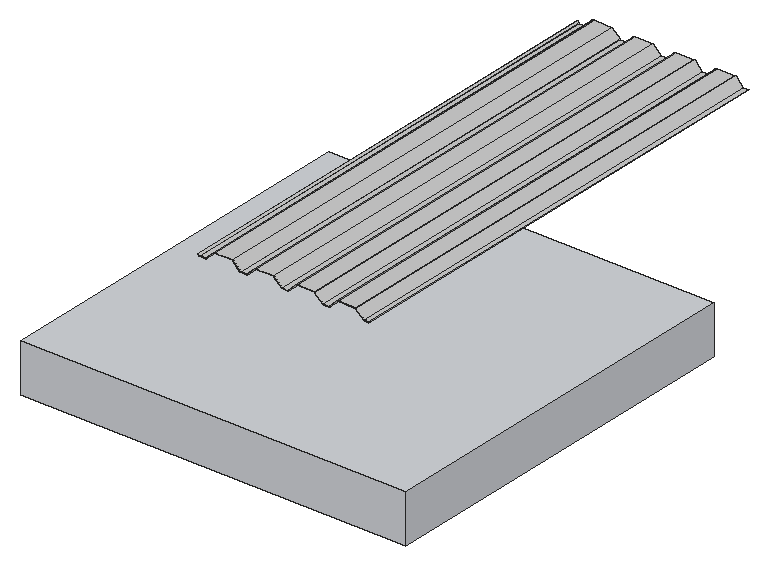
Revit family "Trapézový plech CB 50_260", category Obecné modely, Revit 2016
Family settings
  Hostitel = Plocha
  Typ součásti = Normální
  Může být hostitelem pro výztuž = Ne
  Kóta kulaté spojky = Použít průměr
  Ořezat dutým tvarem při načtení = Ne
  Sdílené = Ne
  Bod výpočtu místnosti = Ne
Parameters
  Šířka prvku - ořezání [instance] = 1085 mm
  Šířka [instance] = 1040 mm  # constant formula
  Výrobce = "CB profil a. s."  # constant formula
  Default Elevation = 0 mm
  URL = "https://www.cbprofil.cz/vyrobni-program/trapezove-plechy-vyroba-cb/"
  Třída oceli [instance] = Třída oceli : S 320 GD
  Tloušťka [instance] = 1 mm
  Pozitivní [instance] = not(Negativní)  # yes
  Popis = "CB 50/260"
  Negativní [instance] = no
  F2 barva [instance] = Pozink
  F1 barva [instance] = Pozink
  Délka [instance] = 3000 mm
  CB FLIS [instance] = no
Reference planes
  plane 1 "Střed (vpředu/vzadu)": y = 0
  plane 2: z = 0
  plane 3 "Střed (vlevo/vpravo)": x = 0
  plane 4 "trapézový plech": z = 0
  plane 5 "oříznutí": x = -1085
  plane 6: x = -1219.2
  plane 7: x = -1040
  plane 8: z = 52
Forms (mm)
  Extrusion 1, solid
    sketch origin (0, 0, 0) x (1, 0, 0) y (0, 1, 0)
      loop
        line (-1219.2, 1219.2) -> (-1219.2, -1219.2) -> (1219.2, -1219.2) -> (1219.2, 1219.2) -> (-1219.2, 1219.2)
    from 0 to -304.8
  Sweep 2, solid, material "Pozink" <- "F2 barva", visible <- "Pozitivní"
    path origin (0, 0, 0) x (-1, 0, 0) y (0, -1, 0)
      loop
        line (0, 0) -> (0, -3000)
    profile "CB 50_260 : CB 50_260" origin (0, 1500, 0) x (-1, 0, 0) y (0, 0, 1)
      loop
        line (1070.127, 10.352) -> (1061.634, 1.876)
        arc (1061.634, 1.876) -> (1060.662, 1.228) -> (1059.515, 1) r 3
        line (1059.515, 1) -> (1020.515, 1)
        arc (1020.515, 1) -> (1019.368, 1.228) -> (1018.396, 1.876) r 3
        line (1018.396, 1.876) -> (970.34, 49.831)
        arc (970.34, 49.831) -> (969.044, 50.696) -> (967.515, 51) r 4
        line (967.515, 51) -> (852.515, 51)
        arc (852.515, 51) -> (850.986, 50.696) -> (849.69, 49.831) r 4
        line (849.69, 49.831) -> (801.634, 1.876)
        arc (801.634, 1.876) -> (800.662, 1.228) -> (799.515, 1) r 3
        line (799.515, 1) -> (760.515, 1)
        arc (760.515, 1) -> (759.368, 1.228) -> (758.396, 1.876) r 3
        line (758.396, 1.876) -> (710.34, 49.831)
        arc (710.34, 49.831) -> (709.044, 50.696) -> (707.515, 51) r 4
        line (707.515, 51) -> (592.515, 51)
        arc (592.515, 51) -> (590.986, 50.696) -> (589.69, 49.831) r 4
        line (589.69, 49.831) -> (541.634, 1.876)
        arc (541.634, 1.876) -> (540.662, 1.228) -> (539.515, 1) r 3
        line (539.515, 1) -> (500.515, 1)
        arc (500.515, 1) -> (499.368, 1.228) -> (498.396, 1.876) r 3
        line (498.396, 1.876) -> (450.34, 49.831)
        arc (450.34, 49.831) -> (449.044, 50.696) -> (447.515, 51) r 4
        line (447.515, 51) -> (332.515, 51)
        arc (332.515, 51) -> (330.986, 50.696) -> (329.69, 49.831) r 4
        line (329.69, 49.831) -> (281.634, 1.876)
        arc (281.634, 1.876) -> (280.662, 1.228) -> (279.515, 1) r 3
        line (279.515, 1) -> (240.515, 1)
        arc (240.515, 1) -> (239.368, 1.228) -> (238.396, 1.876) r 3
        line (238.396, 1.876) -> (190.34, 49.831)
        arc (190.34, 49.831) -> (189.044, 50.696) -> (187.515, 51) r 4
        line (187.515, 51) -> (72.515, 51)
        arc (72.515, 51) -> (70.986, 50.696) -> (69.69, 49.831) r 4
        line (69.69, 49.831) -> (21.634, 1.876)
        arc (21.634, 1.876) -> (20.662, 1.228) -> (19.515, 1) r 3
        line (19.515, 1) -> (-12.7, 1) -> (-12.7, 0) -> (19.515, 0)
        arc (19.515, 0) -> (21.044, 0.304) -> (22.34, 1.169) r 4
        line (22.34, 1.169) -> (70.396, 49.124)
        arc (70.396, 49.124) -> (71.368, 49.772) -> (72.515, 50) r 3
        line (72.515, 50) -> (187.515, 50)
        arc (187.515, 50) -> (188.662, 49.772) -> (189.634, 49.124) r 3
        line (189.634, 49.124) -> (237.69, 1.169)
        arc (237.69, 1.169) -> (238.986, 0.304) -> (240.515, 0) r 4
        line (240.515, 0) -> (279.515, 0)
        arc (279.515, 0) -> (281.044, 0.304) -> (282.34, 1.169) r 4
        line (282.34, 1.169) -> (330.396, 49.124)
        arc (330.396, 49.124) -> (331.368, 49.772) -> (332.515, 50) r 3
        line (332.515, 50) -> (447.515, 50)
        arc (447.515, 50) -> (448.662, 49.772) -> (449.634, 49.124) r 3
        line (449.634, 49.124) -> (497.69, 1.169)
        arc (497.69, 1.169) -> (498.986, 0.304) -> (500.515, 0) r 4
        line (500.515, 0) -> (539.515, 0)
        arc (539.515, 0) -> (541.044, 0.304) -> (542.34, 1.169) r 4
        line (542.34, 1.169) -> (590.396, 49.124)
        arc (590.396, 49.124) -> (591.368, 49.772) -> (592.515, 50) r 3
        line (592.515, 50) -> (707.515, 50)
        arc (707.515, 50) -> (708.662, 49.772) -> (709.634, 49.124) r 3
        line (709.634, 49.124) -> (757.69, 1.169)
        arc (757.69, 1.169) -> (758.986, 0.304) -> (760.515, 0) r 4
        line (760.515, 0) -> (799.515, 0)
        arc (799.515, 0) -> (801.044, 0.304) -> (802.34, 1.169) r 4
        line (802.34, 1.169) -> (850.396, 49.124)
        arc (850.396, 49.124) -> (851.368, 49.772) -> (852.515, 50) r 3
        line (852.515, 50) -> (967.515, 50)
        arc (967.515, 50) -> (968.662, 49.772) -> (969.634, 49.124) r 3
        line (969.634, 49.124) -> (1017.69, 1.169)
        arc (1017.69, 1.169) -> (1018.986, 0.304) -> (1020.515, 0) r 4
        line (1020.515, 0) -> (1059.515, 0)
        arc (1059.515, 0) -> (1061.044, 0.304) -> (1062.34, 1.169) r 4
        line (1062.34, 1.169) -> (1070.834, 9.645) -> (1070.127, 10.352)
  Extrusion 3, void
    sketch origin (0, 0, 0) x (1, 0, 0) y (0, 0, 1)
      loop
        line (-1219.2, 0) -> (-1085, 0) -> (-1085, 52) -> (-1219.2, 52) -> (-1219.2, 0)
    from 0 to -3000
  Sweep 4, solid, material "Pozink" <- "F2 barva", visible <- "Negativní"
    path origin (0, 0, 0) x (-1, 0, 0) y (0, -1, 0)
      loop
        line (0, 0) -> (0, -3000)
    profile "CB 50_260_neg : CB 50_260_neg" origin (0, 1500, 0) x (-1, 0, 0) y (0, 0, 1)
      loop
        line (1070.127, 40.648) -> (1070.834, 41.355) -> (1062.34, 49.831)
        arc (1062.34, 49.831) -> (1061.044, 50.696) -> (1059.515, 51) r 4
        line (1059.515, 51) -> (1020.515, 51)
        arc (1020.515, 51) -> (1018.986, 50.696) -> (1017.69, 49.831) r 4
        line (1017.69, 49.831) -> (969.634, 1.876)
        arc (969.634, 1.876) -> (968.662, 1.228) -> (967.515, 1) r 3
        line (967.515, 1) -> (852.515, 1)
        arc (852.515, 1) -> (851.368, 1.228) -> (850.396, 1.876) r 3
        line (850.396, 1.876) -> (802.34, 49.831)
        arc (802.34, 49.831) -> (801.044, 50.696) -> (799.515, 51) r 4
        line (799.515, 51) -> (760.515, 51)
        arc (760.515, 51) -> (758.986, 50.696) -> (757.69, 49.831) r 4
        line (757.69, 49.831) -> (709.634, 1.876)
        arc (709.634, 1.876) -> (708.662, 1.228) -> (707.515, 1) r 3
        line (707.515, 1) -> (592.515, 1)
        arc (592.515, 1) -> (591.368, 1.228) -> (590.396, 1.876) r 3
        line (590.396, 1.876) -> (542.34, 49.831)
        arc (542.34, 49.831) -> (541.044, 50.696) -> (539.515, 51) r 4
        line (539.515, 51) -> (500.515, 51)
        arc (500.515, 51) -> (498.986, 50.696) -> (497.69, 49.831) r 4
        line (497.69, 49.831) -> (449.634, 1.876)
        arc (449.634, 1.876) -> (448.662, 1.228) -> (447.515, 1) r 3
        line (447.515, 1) -> (332.515, 1)
        arc (332.515, 1) -> (331.368, 1.228) -> (330.396, 1.876) r 3
        line (330.396, 1.876) -> (282.34, 49.831)
        arc (282.34, 49.831) -> (281.044, 50.696) -> (279.515, 51) r 4
        line (279.515, 51) -> (240.515, 51)
        arc (240.515, 51) -> (238.986, 50.696) -> (237.69, 49.831) r 4
        line (237.69, 49.831) -> (189.634, 1.876)
        arc (189.634, 1.876) -> (188.662, 1.228) -> (187.515, 1) r 3
        line (187.515, 1) -> (72.515, 1)
        arc (72.515, 1) -> (71.368, 1.228) -> (70.396, 1.876) r 3
        line (70.396, 1.876) -> (22.34, 49.831)
        arc (22.34, 49.831) -> (21.044, 50.696) -> (19.515, 51) r 4
        line (19.515, 51) -> (-12.7, 51) -> (-12.7, 50) -> (19.515, 50)
        arc (19.515, 50) -> (20.662, 49.772) -> (21.634, 49.124) r 3
        line (21.634, 49.124) -> (69.69, 1.169)
        arc (69.69, 1.169) -> (70.986, 0.304) -> (72.515, 0) r 4
        line (72.515, 0) -> (187.515, 0)
        arc (187.515, 0) -> (189.044, 0.304) -> (190.34, 1.169) r 4
        line (190.34, 1.169) -> (238.396, 49.124)
        arc (238.396, 49.124) -> (239.368, 49.772) -> (240.515, 50) r 3
        line (240.515, 50) -> (279.515, 50)
        arc (279.515, 50) -> (280.662, 49.772) -> (281.634, 49.124) r 3
        line (281.634, 49.124) -> (329.69, 1.169)
        arc (329.69, 1.169) -> (330.986, 0.304) -> (332.515, 0) r 4
        line (332.515, 0) -> (447.515, 0)
        arc (447.515, 0) -> (449.044, 0.304) -> (450.34, 1.169) r 4
        line (450.34, 1.169) -> (498.396, 49.124)
        arc (498.396, 49.124) -> (499.368, 49.772) -> (500.515, 50) r 3
        line (500.515, 50) -> (539.515, 50)
        arc (539.515, 50) -> (540.662, 49.772) -> (541.634, 49.124) r 3
        line (541.634, 49.124) -> (589.69, 1.169)
        arc (589.69, 1.169) -> (590.986, 0.304) -> (592.515, 0) r 4
        line (592.515, 0) -> (707.515, 0)
        arc (707.515, 0) -> (709.044, 0.304) -> (710.34, 1.169) r 4
        line (710.34, 1.169) -> (758.396, 49.124)
        arc (758.396, 49.124) -> (759.368, 49.772) -> (760.515, 50) r 3
        line (760.515, 50) -> (799.515, 50)
        arc (799.515, 50) -> (800.662, 49.772) -> (801.634, 49.124) r 3
        line (801.634, 49.124) -> (849.69, 1.169)
        arc (849.69, 1.169) -> (850.986, 0.304) -> (852.515, 0) r 4
        line (852.515, 0) -> (967.515, 0)
        arc (967.515, 0) -> (969.044, 0.304) -> (970.34, 1.169) r 4
        line (970.34, 1.169) -> (1018.396, 49.124)
        arc (1018.396, 49.124) -> (1019.368, 49.772) -> (1020.515, 50) r 3
        line (1020.515, 50) -> (1059.515, 50)
        arc (1059.515, 50) -> (1060.662, 49.772) -> (1061.634, 49.124) r 3
        line (1061.634, 49.124) -> (1070.127, 40.648)
  Sweep 5, solid, material "Pozink" <- "F1 barva", visible <- "Pozitivní"
    path origin (0, 0, 0) x (-1, 0, 0) y (0, -1, 0)
      loop
        line (0, 0) -> (0, -3000)
    profile "CB 50_260_F1 : CB 50_260_F1" origin (0, 1500, 0) x (-1, 0, 0) y (0, 0, 1)
      loop
        line (-12.7, 1) -> (19.515, 1)
        arc (19.515, 1) -> (20.662, 1.228) -> (21.634, 1.876) r 3
        line (21.634, 1.876) -> (69.69, 49.831)
        arc (69.69, 49.831) -> (70.986, 50.696) -> (72.515, 51) r 4
        line (72.515, 51) -> (187.515, 51)
        arc (187.515, 51) -> (189.044, 50.696) -> (190.34, 49.831) r 4
        line (190.34, 49.831) -> (238.396, 1.876)
        arc (238.396, 1.876) -> (239.368, 1.228) -> (240.515, 1) r 3
        line (240.515, 1) -> (279.515, 1)
        arc (279.515, 1) -> (280.662, 1.228) -> (281.634, 1.876) r 3
        line (281.634, 1.876) -> (329.69, 49.831)
        arc (329.69, 49.831) -> (330.986, 50.696) -> (332.515, 51) r 4
        line (332.515, 51) -> (447.515, 51)
        arc (447.515, 51) -> (449.044, 50.696) -> (450.34, 49.831) r 4
        line (450.34, 49.831) -> (498.396, 1.876)
        arc (498.396, 1.876) -> (499.368, 1.228) -> (500.515, 1) r 3
        line (500.515, 1) -> (539.515, 1)
        arc (539.515, 1) -> (540.662, 1.228) -> (541.634, 1.876) r 3
        line (541.634, 1.876) -> (589.69, 49.831)
        arc (589.69, 49.831) -> (590.986, 50.696) -> (592.515, 51) r 4
        line (592.515, 51) -> (707.515, 51)
        arc (707.515, 51) -> (709.044, 50.696) -> (710.34, 49.831) r 4
        line (710.34, 49.831) -> (758.396, 1.876)
        arc (758.396, 1.876) -> (759.368, 1.228) -> (760.515, 1) r 3
        line (760.515, 1) -> (799.515, 1)
        arc (799.515, 1) -> (800.662, 1.228) -> (801.634, 1.876) r 3
        line (801.634, 1.876) -> (849.69, 49.831)
        arc (849.69, 49.831) -> (850.986, 50.696) -> (852.515, 51) r 4
        line (852.515, 51) -> (967.515, 51)
        arc (967.515, 51) -> (969.044, 50.696) -> (970.34, 49.831) r 4
        line (970.34, 49.831) -> (1018.396, 1.876)
        arc (1018.396, 1.876) -> (1019.368, 1.228) -> (1020.515, 1) r 3
        line (1020.515, 1) -> (1059.515, 1)
        arc (1059.515, 1) -> (1060.662, 1.228) -> (1061.634, 1.876) r 3
        line (1061.634, 1.876) -> (1070.127, 10.352) -> (1069.42, 11.059) -> (1060.928, 2.584)
        arc (1060.928, 2.584) -> (1060.279, 2.152) -> (1059.515, 2) r 2
        line (1059.515, 2) -> (1020.515, 2)
        arc (1020.515, 2) -> (1019.751, 2.152) -> (1019.102, 2.584) r 2
        line (1019.102, 2.584) -> (971.047, 50.539)
        arc (971.047, 50.539) -> (969.426, 51.62) -> (967.515, 52) r 5
        line (967.515, 52) -> (852.515, 52)
        arc (852.515, 52) -> (850.604, 51.62) -> (848.983, 50.539) r 5
        line (848.983, 50.539) -> (800.928, 2.584)
        arc (800.928, 2.584) -> (800.279, 2.152) -> (799.515, 2) r 2
        line (799.515, 2) -> (760.515, 2)
        arc (760.515, 2) -> (759.751, 2.152) -> (759.102, 2.584) r 2
        line (759.102, 2.584) -> (711.047, 50.539)
        arc (711.047, 50.539) -> (709.426, 51.62) -> (707.515, 52) r 5
        line (707.515, 52) -> (592.515, 52)
        arc (592.515, 52) -> (590.604, 51.62) -> (588.983, 50.539) r 5
        line (588.983, 50.539) -> (540.928, 2.584)
        arc (540.928, 2.584) -> (540.279, 2.152) -> (539.515, 2) r 2
        line (539.515, 2) -> (500.515, 2)
        arc (500.515, 2) -> (499.751, 2.152) -> (499.102, 2.584) r 2
        line (499.102, 2.584) -> (451.047, 50.539)
        arc (451.047, 50.539) -> (449.426, 51.62) -> (447.515, 52) r 5
        line (447.515, 52) -> (332.515, 52)
        arc (332.515, 52) -> (330.604, 51.62) -> (328.983, 50.539) r 5
        line (328.983, 50.539) -> (280.928, 2.584)
        arc (280.928, 2.584) -> (280.279, 2.152) -> (279.515, 2) r 2
        line (279.515, 2) -> (240.515, 2)
        arc (240.515, 2) -> (239.751, 2.152) -> (239.102, 2.584) r 2
        line (239.102, 2.584) -> (191.047, 50.539)
        arc (191.047, 50.539) -> (189.426, 51.62) -> (187.515, 52) r 5
        line (187.515, 52) -> (72.515, 52)
        arc (72.515, 52) -> (70.604, 51.62) -> (68.983, 50.539) r 5
        line (68.983, 50.539) -> (20.928, 2.584)
        arc (20.928, 2.584) -> (20.279, 2.152) -> (19.515, 2) r 2
        line (19.515, 2) -> (-12.7, 2) -> (-12.7, 1)
  Sweep 6, solid, material "Pozink" <- "F1 barva", visible <- "Negativní"
    path origin (0, 0, 0) x (-1, 0, 0) y (0, -1, 0)
      loop
        line (0, 0) -> (0, -3000)
    profile "CB 50_260_neg_F1 : CB 50_260_neg_F1" origin (0, 1500, 0) x (-1, 0, 0) y (0, 0, 1)
      loop
        line (-12.7, 51) -> (19.515, 51)
        arc (19.515, 51) -> (21.044, 50.696) -> (22.34, 49.831) r 4
        line (22.34, 49.831) -> (70.396, 1.876)
        arc (70.396, 1.876) -> (71.368, 1.228) -> (72.515, 1) r 3
        line (72.515, 1) -> (187.515, 1)
        arc (187.515, 1) -> (188.662, 1.228) -> (189.634, 1.876) r 3
        line (189.634, 1.876) -> (237.69, 49.831)
        arc (237.69, 49.831) -> (238.986, 50.696) -> (240.515, 51) r 4
        line (240.515, 51) -> (279.515, 51)
        arc (279.515, 51) -> (281.044, 50.696) -> (282.34, 49.831) r 4
        line (282.34, 49.831) -> (330.396, 1.876)
        arc (330.396, 1.876) -> (331.368, 1.228) -> (332.515, 1) r 3
        line (332.515, 1) -> (447.515, 1)
        arc (447.515, 1) -> (448.662, 1.228) -> (449.634, 1.876) r 3
        line (449.634, 1.876) -> (497.69, 49.831)
        arc (497.69, 49.831) -> (498.986, 50.696) -> (500.515, 51) r 4
        line (500.515, 51) -> (539.515, 51)
        arc (539.515, 51) -> (541.044, 50.696) -> (542.34, 49.831) r 4
        line (542.34, 49.831) -> (590.396, 1.876)
        arc (590.396, 1.876) -> (591.368, 1.228) -> (592.515, 1) r 3
        line (592.515, 1) -> (707.515, 1)
        arc (707.515, 1) -> (708.662, 1.228) -> (709.634, 1.876) r 3
        line (709.634, 1.876) -> (757.69, 49.831)
        arc (757.69, 49.831) -> (758.986, 50.696) -> (760.515, 51) r 4
        line (760.515, 51) -> (799.515, 51)
        arc (799.515, 51) -> (801.044, 50.696) -> (802.34, 49.831) r 4
        line (802.34, 49.831) -> (850.396, 1.876)
        arc (850.396, 1.876) -> (851.368, 1.228) -> (852.515, 1) r 3
        line (852.515, 1) -> (967.515, 1)
        arc (967.515, 1) -> (968.662, 1.228) -> (969.634, 1.876) r 3
        line (969.634, 1.876) -> (1017.69, 49.831)
        arc (1017.69, 49.831) -> (1018.986, 50.696) -> (1020.515, 51) r 4
        line (1020.515, 51) -> (1059.515, 51)
        arc (1059.515, 51) -> (1061.044, 50.696) -> (1062.34, 49.831) r 4
        line (1062.34, 49.831) -> (1070.834, 41.355) -> (1071.541, 42.062) -> (1063.047, 50.539)
        arc (1063.047, 50.539) -> (1061.426, 51.62) -> (1059.515, 52) r 5
        line (1059.515, 52) -> (1020.515, 52)
        arc (1020.515, 52) -> (1018.604, 51.62) -> (1016.983, 50.539) r 5
        line (1016.983, 50.539) -> (968.928, 2.584)
        arc (968.928, 2.584) -> (968.279, 2.152) -> (967.515, 2) r 2
        line (967.515, 2) -> (852.515, 2)
        arc (852.515, 2) -> (851.751, 2.152) -> (851.102, 2.584) r 2
        line (851.102, 2.584) -> (803.047, 50.539)
        arc (803.047, 50.539) -> (801.426, 51.62) -> (799.515, 52) r 5
        line (799.515, 52) -> (760.515, 52)
        arc (760.515, 52) -> (758.604, 51.62) -> (756.983, 50.539) r 5
        line (756.983, 50.539) -> (708.928, 2.584)
        arc (708.928, 2.584) -> (708.279, 2.152) -> (707.515, 2) r 2
        line (707.515, 2) -> (592.515, 2)
        arc (592.515, 2) -> (591.751, 2.152) -> (591.102, 2.584) r 2
        line (591.102, 2.584) -> (543.047, 50.539)
        arc (543.047, 50.539) -> (541.426, 51.62) -> (539.515, 52) r 5
        line (539.515, 52) -> (500.515, 52)
        arc (500.515, 52) -> (498.604, 51.62) -> (496.983, 50.539) r 5
        line (496.983, 50.539) -> (448.928, 2.584)
        arc (448.928, 2.584) -> (448.279, 2.152) -> (447.515, 2) r 2
        line (447.515, 2) -> (332.515, 2)
        arc (332.515, 2) -> (331.751, 2.152) -> (331.102, 2.584) r 2
        line (331.102, 2.584) -> (283.047, 50.539)
        arc (283.047, 50.539) -> (281.426, 51.62) -> (279.515, 52) r 5
        line (279.515, 52) -> (240.515, 52)
        arc (240.515, 52) -> (238.604, 51.62) -> (236.983, 50.539) r 5
        line (236.983, 50.539) -> (188.928, 2.584)
        arc (188.928, 2.584) -> (188.279, 2.152) -> (187.515, 2) r 2
        line (187.515, 2) -> (72.515, 2)
        arc (72.515, 2) -> (71.751, 2.152) -> (71.102, 2.584) r 2
        line (71.102, 2.584) -> (23.047, 50.539)
        arc (23.047, 50.539) -> (21.426, 51.62) -> (19.515, 52) r 5
        line (19.515, 52) -> (-12.7, 52) -> (-12.7, 51)
Cuts and joins
  Extrusion 3 cuts Sweep 2
  Extrusion 3 cuts Sweep 6
  Extrusion 3 cuts Sweep 5
Dimensions and locks
  "Délka": Sweep 2 sketch curve to Sweep 2 sketch curve
  "Šířka prvku - ořezání": plane 5 "oříznutí" to plane 3 "Střed (vlevo/vpravo)"
  "Délka": Sweep 4 sketch curve to Sweep 4 sketch curve
  "Délka": Sweep 5 sketch curve to Sweep 5 sketch curve
  "Délka": Sweep 6 sketch curve to Sweep 6 sketch curve
  plane 3 "Střed (vlevo/vpravo)" to plane 7 = 1040 mm
  aligned and locked: plane 2 to Extrusion 1
  aligned and locked: level to Extrusion 1
  aligned and locked: Extrusion 3 to plane 5 "oříznutí"
  aligned and locked: Extrusion 3 to plane 6
  aligned and locked: Extrusion 3 to Sweep 2
  aligned and locked: Sweep 2 to Extrusion 3
  aligned and locked: Extrusion 3 to plane 8
Automatic sketch dimensions
  Extrusion 1 sketch curve to Extrusion 1 sketch curve = 2438.4 mm  (x2)
  Extrusion 3 sketch curve to plane 6 = 0 mm
  Extrusion 3 sketch curve to plane 5 "oříznutí" = 0 mm
  Extrusion 3 sketch curve to level = 0 mm
  level to Extrusion 3 sketch curve = 52 mm
  Sweep 2 sketch curve to plane 3 "Střed (vlevo/vpravo)" = 0 mm
  plane 1 "Střed (vpředu/vzadu)" to Sweep 2 sketch curve = 0 mm
  Sweep 4 sketch curve to plane 3 "Střed (vlevo/vpravo)" = 0 mm
  plane 1 "Střed (vpředu/vzadu)" to Sweep 4 sketch curve = 0 mm
  Sweep 5 sketch curve to plane 3 "Střed (vlevo/vpravo)" = 0 mm
  plane 1 "Střed (vpředu/vzadu)" to Sweep 5 sketch curve = 0 mm
  Sweep 6 sketch curve to plane 3 "Střed (vlevo/vpravo)" = 0 mm
  plane 1 "Střed (vpředu/vzadu)" to Sweep 6 sketch curve = 0 mm
